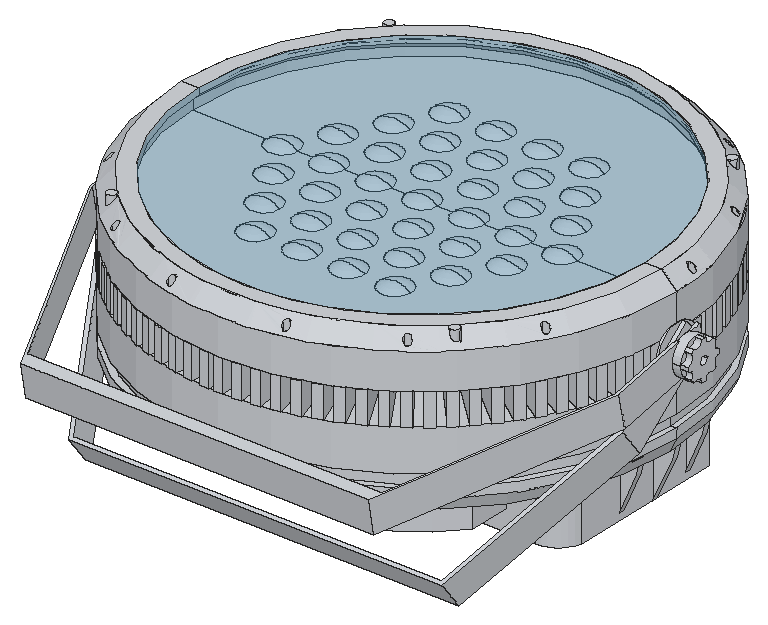
Revit family "WALL WASHER BUILDING RGBW_LV2610QW.10", category Luminarias, Revit 2019 (continued)
Forms (mm)
  Revolve 139, solid
    sketch origin (103.069, 63.256, -108.199) x (1, 0, 0) y (0, 0, 1)
      loop
        arc (-30.028, 289.911) -> (-36.507, 288.887) -> (-42.45, 286.113) r 23.5
        line (-42.45, 286.113) -> (-30.028, 286.113) -> (-30.028, 289.911)
      axis (-30.028, 286.113) -> (-30.028, 289.911)
    angle from 0 to 360
  Revolve 140, solid
    sketch origin (-48.288, 31.628, -108.199) x (-1, 0, 0) y (0, 0, 1)
      loop
        arc (-30.028, 289.911) -> (-36.507, 288.887) -> (-42.45, 286.113) r 23.5
        line (-42.45, 286.113) -> (-30.028, 286.113) -> (-30.028, 289.911)
      axis (-30.028, 286.113) -> (-30.028, 289.911)
    angle from 0 to 360
  Revolve 141, solid
    sketch origin (48.288, 31.628, -108.199) x (1, 0, 0) y (0, 0, -1)
      loop
        line (-30.028, -289.911) -> (-30.028, -286.113) -> (-42.45, -286.113)
        arc (-42.45, -286.113) -> (-36.507, -288.887) -> (-30.028, -289.911) r 23.5
      axis (-30.028, -286.113) -> (-30.028, -289.911)
    angle from 0 to 360
  Revolve 142, solid
    sketch origin (-84.809, 31.628, -108.199) x (-1, 0, 0) y (0, 0, 1)
      loop
        arc (-30.028, 289.911) -> (-36.507, 288.887) -> (-42.45, 286.113) r 23.5
        line (-42.45, 286.113) -> (-30.028, 286.113) -> (-30.028, 289.911)
      axis (-30.028, 286.113) -> (-30.028, 289.911)
    angle from 0 to 360
  Revolve 143, solid
    sketch origin (-121.329, 31.628, -108.199) x (-1, 0, 0) y (0, 0, 1)
      loop
        arc (-30.028, 289.911) -> (-36.507, 288.887) -> (-42.45, 286.113) r 23.5
        line (-42.45, 286.113) -> (-30.028, 286.113) -> (-30.028, 289.911)
      axis (-30.028, 286.113) -> (-30.028, 289.911)
    angle from 0 to 360
  Revolve 144, solid
    sketch origin (84.809, 31.628, -108.199) x (1, 0, 0) y (0, 0, -1)
      loop
        line (-30.028, -289.911) -> (-30.028, -286.113) -> (-42.45, -286.113)
        arc (-42.45, -286.113) -> (-36.507, -288.887) -> (-30.028, -289.911) r 23.5
      axis (-30.028, -286.113) -> (-30.028, -289.911)
    angle from 0 to 360
  Revolve 145, solid
    sketch origin (121.329, 31.628, -108.199) x (1, 0, 0) y (0, 0, -1)
      loop
        line (-30.028, -289.911) -> (-30.028, -286.113) -> (-42.45, -286.113)
        arc (-42.45, -286.113) -> (-36.507, -288.887) -> (-30.028, -289.911) r 23.5
      axis (-30.028, -286.113) -> (-30.028, -289.911)
    angle from 0 to 360
  Revolve 146, solid
    sketch origin (-66.548, 0, -108.199) x (-1, 0, 0) y (0, 0, 1)
      loop
        arc (-30.028, 289.911) -> (-36.507, 288.887) -> (-42.45, 286.113) r 23.5
        line (-42.45, 286.113) -> (-30.028, 286.113) -> (-30.028, 289.911)
      axis (-30.028, 286.113) -> (-30.028, 289.911)
    angle from 0 to 360
  Revolve 147, solid
    sketch origin (30.028, 0, -108.199) x (1, 0, 0) y (0, 0, -1)
      loop
        line (-30.028, -289.911) -> (-30.028, -286.113) -> (-42.45, -286.113)
        arc (-42.45, -286.113) -> (-36.507, -288.887) -> (-30.028, -289.911) r 23.5
      axis (-30.028, -286.113) -> (-30.028, -289.911)
    angle from 0 to 360
  Revolve 148, solid
    sketch origin (-103.069, 0, -108.199) x (-1, 0, 0) y (0, 0, 1)
      loop
        arc (-30.028, 289.911) -> (-36.507, 288.887) -> (-42.45, 286.113) r 23.5
        line (-42.45, 286.113) -> (-30.028, 286.113) -> (-30.028, 289.911)
      axis (-30.028, 286.113) -> (-30.028, 289.911)
    angle from 0 to 360
  Revolve 149, solid
    sketch origin (66.548, 0, -108.199) x (1, 0, 0) y (0, 0, -1)
      loop
        line (-30.028, -289.911) -> (-30.028, -286.113) -> (-42.45, -286.113)
        arc (-42.45, -286.113) -> (-36.507, -288.887) -> (-30.028, -289.911) r 23.5
      axis (-30.028, -286.113) -> (-30.028, -289.911)
    angle from 0 to 360
  Revolve 150, solid
    sketch origin (103.069, 0, -108.199) x (1, 0, 0) y (0, 0, -1)
      loop
        line (-30.028, -289.911) -> (-30.028, -286.113) -> (-42.45, -286.113)
        arc (-42.45, -286.113) -> (-36.507, -288.887) -> (-30.028, -289.911) r 23.5
      axis (-30.028, -286.113) -> (-30.028, -289.911)
    angle from 0 to 360
  Revolve 151, solid
    sketch origin (-139.59, 0, -108.199) x (-1, 0, 0) y (0, 0, 1)
      loop
        arc (-30.028, 289.911) -> (-36.507, 288.887) -> (-42.45, 286.113) r 23.5
        line (-42.45, 286.113) -> (-30.028, 286.113) -> (-30.028, 289.911)
      axis (-30.028, 286.113) -> (-30.028, 289.911)
    angle from 0 to 360
  Revolve 152, solid
    sketch origin (139.59, 0, -108.199) x (1, 0, 0) y (0, 0, -1)
      loop
        line (-30.028, -289.911) -> (-30.028, -286.113) -> (-42.45, -286.113)
        arc (-42.45, -286.113) -> (-36.507, -288.887) -> (-30.028, -289.911) r 23.5
      axis (-30.028, -286.113) -> (-30.028, -289.911)
    angle from 0 to 360
  Revolve 153, solid
    sketch origin (-48.288, -94.884, -108.199) x (-1, 0, 0) y (0, 0, 1)
      loop
        arc (-30.028, 289.911) -> (-36.507, 288.887) -> (-42.45, 286.113) r 23.5
        line (-42.45, 286.113) -> (-30.028, 286.113) -> (-30.028, 289.911)
      axis (-30.028, 286.113) -> (-30.028, 289.911)
    angle from 0 to 360
  Revolve 154, solid
    sketch origin (48.288, -94.884, -108.199) x (1, 0, 0) y (0, 0, -1)
      loop
        line (-30.028, -289.911) -> (-30.028, -286.113) -> (-42.45, -286.113)
        arc (-42.45, -286.113) -> (-36.507, -288.887) -> (-30.028, -289.911) r 23.5
      axis (-30.028, -286.113) -> (-30.028, -289.911)
    angle from 0 to 360
  Revolve 155, solid
    sketch origin (-66.548, -63.256, -108.199) x (-1, 0, 0) y (0, 0, 1)
      loop
        arc (-30.028, 289.911) -> (-36.507, 288.887) -> (-42.45, 286.113) r 23.5
        line (-42.45, 286.113) -> (-30.028, 286.113) -> (-30.028, 289.911)
      axis (-30.028, 286.113) -> (-30.028, 289.911)
    angle from 0 to 360
  Revolve 156, solid
    sketch origin (30.028, -63.256, -108.199) x (1, 0, 0) y (0, 0, -1)
      loop
        line (-30.028, -289.911) -> (-30.028, -286.113) -> (-42.45, -286.113)
        arc (-42.45, -286.113) -> (-36.507, -288.887) -> (-30.028, -289.911) r 23.5
      axis (-30.028, -286.113) -> (-30.028, -289.911)
    angle from 0 to 360
  Revolve 157, solid
    sketch origin (-103.069, -63.256, -108.199) x (-1, 0, 0) y (0, 0, 1)
      loop
        arc (-30.028, 289.911) -> (-36.507, 288.887) -> (-42.45, 286.113) r 23.5
        line (-42.45, 286.113) -> (-30.028, 286.113) -> (-30.028, 289.911)
      axis (-30.028, 286.113) -> (-30.028, 289.911)
    angle from 0 to 360
  Revolve 158, solid
    sketch origin (66.548, -63.256, -108.199) x (1, 0, 0) y (0, 0, -1)
      loop
        line (-30.028, -289.911) -> (-30.028, -286.113) -> (-42.45, -286.113)
        arc (-42.45, -286.113) -> (-36.507, -288.887) -> (-30.028, -289.911) r 23.5
      axis (-30.028, -286.113) -> (-30.028, -289.911)
    angle from 0 to 360
  Revolve 159, solid
    sketch origin (103.069, -63.256, -108.199) x (1, 0, 0) y (0, 0, -1)
      loop
        line (-30.028, -289.911) -> (-30.028, -286.113) -> (-42.45, -286.113)
        arc (-42.45, -286.113) -> (-36.507, -288.887) -> (-30.028, -289.911) r 23.5
      axis (-30.028, -286.113) -> (-30.028, -289.911)
    angle from 0 to 360
  Revolve 160, solid
    sketch origin (-48.288, -31.628, -108.199) x (-1, 0, 0) y (0, 0, -1)
      loop
        line (-30.028, -289.911) -> (-30.028, -286.113) -> (-42.45, -286.113)
        arc (-42.45, -286.113) -> (-36.507, -288.887) -> (-30.028, -289.911) r 23.5
      axis (-30.028, -286.113) -> (-30.028, -289.911)
    angle from 0 to 360
  Revolve 161, solid
    sketch origin (48.288, -31.628, -108.199) x (1, 0, 0) y (0, 0, 1)
      loop
        arc (-30.028, 289.911) -> (-36.507, 288.887) -> (-42.45, 286.113) r 23.5
        line (-42.45, 286.113) -> (-30.028, 286.113) -> (-30.028, 289.911)
      axis (-30.028, 286.113) -> (-30.028, 289.911)
    angle from 0 to 360
  Revolve 162, solid
    sketch origin (-84.809, -31.628, -108.199) x (-1, 0, 0) y (0, 0, -1)
      loop
        line (-30.028, -289.911) -> (-30.028, -286.113) -> (-42.45, -286.113)
        arc (-42.45, -286.113) -> (-36.507, -288.887) -> (-30.028, -289.911) r 23.5
      axis (-30.028, -286.113) -> (-30.028, -289.911)
    angle from 0 to 360
  Revolve 163, solid
    sketch origin (-121.329, -31.628, -108.199) x (-1, 0, 0) y (0, 0, -1)
      loop
        line (-30.028, -289.911) -> (-30.028, -286.113) -> (-42.45, -286.113)
        arc (-42.45, -286.113) -> (-36.507, -288.887) -> (-30.028, -289.911) r 23.5
      axis (-30.028, -286.113) -> (-30.028, -289.911)
    angle from 0 to 360
  Revolve 164, solid
    sketch origin (84.809, -31.628, -108.199) x (1, 0, 0) y (0, 0, 1)
      loop
        arc (-30.028, 289.911) -> (-36.507, 288.887) -> (-42.45, 286.113) r 23.5
        line (-42.45, 286.113) -> (-30.028, 286.113) -> (-30.028, 289.911)
      axis (-30.028, 286.113) -> (-30.028, 289.911)
    angle from 0 to 360
  Revolve 165, solid
    sketch origin (121.329, -31.628, -108.199) x (1, 0, 0) y (0, 0, 1)
      loop
        arc (-30.028, 289.911) -> (-36.507, 288.887) -> (-42.45, 286.113) r 23.5
        line (-42.45, 286.113) -> (-30.028, 286.113) -> (-30.028, 289.911)
      axis (-30.028, 286.113) -> (-30.028, 289.911)
    angle from 0 to 360
  Revolve 166, solid
    sketch origin (-84.809, 94.884, -108.199) x (-1, 0, 0) y (0, 0, 1)
      loop
        arc (-30.028, 289.911) -> (-36.507, 288.887) -> (-42.45, 286.113) r 23.5
        line (-42.45, 286.113) -> (-30.028, 286.113) -> (-30.028, 289.911)
      axis (-30.028, 286.113) -> (-30.028, 289.911)
    angle from 0 to 360
  Revolve 167, solid
    sketch origin (84.809, 94.884, -108.199) x (1, 0, 0) y (0, 0, 1)
      loop
        arc (-30.028, 289.911) -> (-36.507, 288.887) -> (-42.45, 286.113) r 23.5
        line (-42.45, 286.113) -> (-30.028, 286.113) -> (-30.028, 289.911)
      axis (-30.028, 286.113) -> (-30.028, 289.911)
    angle from 0 to 360
  Revolve 168, solid
    sketch origin (-84.809, -94.884, -108.199) x (-1, 0, 0) y (0, 0, 1)
      loop
        arc (-30.028, 289.911) -> (-36.507, 288.887) -> (-42.45, 286.113) r 23.5
        line (-42.45, 286.113) -> (-30.028, 286.113) -> (-30.028, 289.911)
      axis (-30.028, 286.113) -> (-30.028, 289.911)
    angle from 0 to 360
  Revolve 169, solid
    sketch origin (84.809, -94.884, -108.199) x (1, 0, 0) y (0, 0, -1)
      loop
        line (-30.028, -289.911) -> (-30.028, -286.113) -> (-42.45, -286.113)
        arc (-42.45, -286.113) -> (-36.507, -288.887) -> (-30.028, -289.911) r 23.5
      axis (-30.028, -286.113) -> (-30.028, -289.911)
    angle from 0 to 360
Cuts and joins
  Extrusion 118, Extrusion 119 cuts Extrusion 93
  Extrusion 124 cuts Revolve 1
  joined: Extrusion 128, Extrusion 129
Lines and regions (mm)
  model lines
    curve 1: line (0, 3.632, 142.5) -> (0, -3.632, 142.5)
Dimensions and locks
  plane 4 to plane 2 = 195 mm
  plane 4 to level = 195 mm
  aligned and locked: level to plane 2
  aligned and locked: Extrusion 2 to Revolve 1
  aligned and locked: plane 4 to Extrusion 92
  aligned and locked: Extrusion 111 to Extrusion 94
  aligned and locked: Extrusion 111 to Extrusion 110
  aligned and locked: Extrusion 112 to Extrusion 113
  aligned and locked: Extrusion 114 to Extrusion 110
  aligned and locked: Extrusion 115 to Extrusion 94
  aligned and locked: Extrusion 115 to Extrusion 110
  aligned and locked: plane 4 to Extrusion 124
Connectors
  electrical at (-51.643, -76.696, 8.725)
    settings: on Extrusion 114, index 1, voltage 277 V, apparent load 0 VA, apparent load phase1 0 VA, apparent load phase2 0 VA, apparent load phase3 0 VA, power factor 1, load classification "Otro", number of poles 1, system type 31, power factor state 1, is connector primary yes, connector utility no, sub classification motor no, connector description ""
